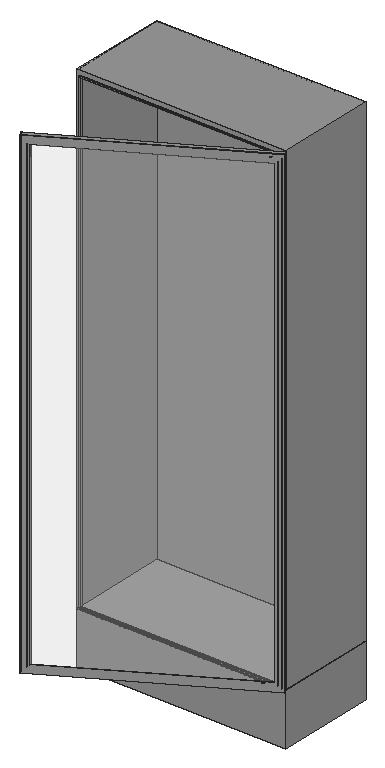
Revit family "Hager-Univers-IP55-D400-H2050-Cl.II-Steel_encl-NoHosted-CH-it", category Electrical Equipment, Revit 2020
Family settings
  Panel Configuration = Two Columns, Circuits Across
  Round Connector Dimension = Use Diameter
  Part Type = Panelboard
  Work Plane-Based = Yes
  Always vertical = Yes
  Cut with Voids When Loaded = No
  Shared = No
  Room Calculation Point = No
Parameters (values of type "montaggio a pavimento IP55 L800 A2050 P400  - FR23U2")
  Width Control [instance] = if([EF000008 - Larghezza] > Min Width, [EF000008 - Larghezza], Min Width)  # 800 mm
  Type Comments = [HG000003 - Gamma]  # "Univers"
  Thickness Door [instance] = if([EF009171 - spessore materiale porta/coperchio] > 3 mm, 3 mm, [EF009171 - spessore materiale porta/coperchio])  # 1.5 mm
  Seal Frame Offset [instance] = 17 mm  # constant formula
  Plinth Visibility [instance] = [HG000027 - Altezza dello zoccolo] > 0 mm  # yes
  Min Width [instance] = 100 mm  # constant formula
  Min Depth [instance] = (2 * [EF009170 - spessore materiale scatola]) + 1 mm  # 4 mm
  Min Height [instance] = 100 mm  # constant formula
  Internal Frame Depth [instance] = (Door System Depth * 0.5)  # 9 mm
  Panel Name [instance] = ""  # (empty or 0)
  Model = ""
  HG000027 - Altezza dello zoccolo = 200 mm
  HG000026 - A pavimento = yes
  HG000024 - Altezza della sezione inferiore = 600 mm
  HG000023 - Custodia a doppia sezione = no
  HG000016 - Visibilità delle porte nella vista 3D [instance] = yes
  HG000015 - Visibilità attraverso la porta [instance] = no
  HG000014 - Porta destra [instance] = yes
  HG000013 - Porta sinistra [instance] = not([HG000014 - Porta destra])  # no
  HG000012 - Angolo di apertura della porta [instance] = 30.00°
  HG000010 - Porte asimmetriche = no
  HG000009 - Porta doppia a battente = no
  HG000006 - Ad incasso = no
  HG000004 - Codice produttore = "FR23U2"
  HG000003 - Gamma = "Univers"
  HG000002 - Con porta = yes
  Frame Offset Bottom [instance] = 10 mm  # constant formula
  Frame Offset [instance] = 15 mm  # constant formula
  EF015940 - Coprire con rilascio di sovrapressione = no
  EF011959 - tipo di protezione (NEMA) = ""
  EF009554 - numero delle aperture per la piastra della flangia = 6
  EF009212 - esecuzione coperchio = "EV000116 - chiuso"
  EF009171 - spessore materiale porta/coperchio = 1.5 mm
  EF009170 - spessore materiale scatola = 1.5 mm
  EF008873 - corrente nominale (In) = 800 A
  EF007800 - adatto per parafulmine = no
  EF006306 - con serratura = no
  EF006244 - coperchio/porta trasparente = yes
  EF005474 - grado di protezione (IP) = "EV006420 - IP55"
  EF004464 - tipo di porta = "EV002646 - singolo"
  EF004427 - numero di moduli = 432
  EF004293 - resistenza agli urti = "EV008784 - IK10"
  EF003532 - adatto per uso esterno = no
  EF002950 - Numero moduli DIN = 24
  EF001613 - Integrità del circuito = "EV000494 - senza"
  EF001596 - Attacco Lampada = "EV000179 - acciaio"
  EF001131 - profondità interna = 400 mm
  EF001088 - possibilità di applicazione = yes
  EF000437 - numero di ingressi per conduttori = 6
  EF000339 - tipo di copertura = "EV004216 - porta"
  EF000266 - numero di file = 12
  EF000218 - profondità di incasso = 0 mm
  EF000118 - con piastra di montaggio = no
  EF000116 - numero RAL = "7035"
  EF000049 - profondità = 400 mm
  EF000040 - Altezza = 2050 mm
  EF000008 - Larghezza = 800 mm
  EF000007 - colore = "EV000270 - grigio"
  EF000003 - Tipo di montaggio = "EV012274 - montaggio a pavimento"
  Door System Leaf Tolerance [instance] = 1.5 mm  # constant formula
  Door System Depth [instance] = 18 mm  # constant formula
  Door Height [instance] = Height Control - [HG000027 - Altezza dello zoccolo]  # 1850 mm
  Description = ""
  Default Elevation = 1219.2 mm
  Connector Offset [instance] = Height Control / 2  # 1025 mm
  Manufacturer = "Hager"  # constant formula
  Height Control [instance] = if([EF000040 - Altezza] > Min Height, [EF000040 - Altezza], Min Height)  # 2050 mm
  Depth Control [instance] = if([EF000049 - profondità] > Min Depth, [EF000049 - profondità], Min Depth)  # 400 mm
  Bottom Top Plate Trim [instance] = 1.5 mm  # constant formula
  Plinth height Ctrl [instance] = if([HG000027 - Altezza dello zoccolo] > 0 mm, [HG000027 - Altezza dello zoccolo], 12 mm)  # 200 mm
Types (11, lengths in mm): name | Width Control | HG000010 - Porte asimmetriche | HG000009 - Porta doppia a battente | HG000004 - Codice produttore | EF009554 - numero delle aperture per la piastra della flangia | EF006244 - coperchio/porta trasparente | EF004464 - tipo di porta | EF004427 - numero di moduli | EF000437 - numero di ingressi per conduttori | EF000008 - Larghezza
  montaggio a pavimento IP55 L1050 A2050 P400  - FR24H2 | 1050 | yes | yes | "FR24H2" | 8 | no | "EV003602 - doppio" | 576 | 8 | 1050
  montaggio a pavimento IP55 L1050 A2050 P400  - FR24U2 | 1050 | yes | yes | "FR24U2" | 8 | yes | "EV003602 - doppio" | 576 | 8 | 1050
  montaggio a pavimento IP55 L1300 A2050 P400  - FR25H2 | 1300 | yes | yes | "FR25H2" | 10 | no | "EV003602 - doppio" | 720 | 10 | 1300
  montaggio a pavimento IP55 L1300 A2050 P400  - FR25U2 | 1300 | yes | yes | "FR25U2" | 10 | yes | "EV003602 - doppio" | 720 | 10 | 1300
  montaggio a pavimento IP55 L1550 A2050 P400  - FR26H2 | 1550 | yes | yes | "FR26H2" | 12 | no | "EV003602 - doppio" | 864 | 12 | 1550
  montaggio a pavimento IP55 L1550 A2050 P400  - FR26U2 | 1550 | yes | yes | "FR26U2" | 12 | yes | "EV003602 - doppio" | 864 | 12 | 1550
  montaggio a pavimento IP55 L300 A2050 P400  - FR21H2 | 300 | no | no | "FR21H2" | 2 | no | "EV002646 - singolo" | 144 | 2 | 300
  montaggio a pavimento IP55 L550 A2050 P400  - FR22H2 | 550 | no | no | "FR22H2" | 4 | no | "EV002646 - singolo" | 288 | 4 | 550
  montaggio a pavimento IP55 L550 A2050 P400  - FR22U2 | 550 | no | no | "FR22U2" | 4 | yes | "EV002646 - singolo" | 288 | 4 | 550
  montaggio a pavimento IP55 L800 A2050 P400  - FR23H2 | 800 | no | no | "FR23H2" | 6 | no | "EV002646 - singolo" | 432 | 6 | 800
  montaggio a pavimento IP55 L800 A2050 P400  - FR23U2 | 800 | no | no | "FR23U2" | 6 | yes | "EV002646 - singolo" | 432 | 6 | 800
Reference planes
  plane 1 "Center (Front/Back)": y = 0
  plane 2: z = 0
  plane 3 "Center (Left/Right)": x = 0
  plane 4: y = 0
  plane 5: y = 0
  plane 6: z = 0
  plane 7: x = -400
  plane 8: x = 400
  plane 9: x = 398.5
  plane 10: x = -398.5
  plane 11: z = 200
  plane 12: z = 201.5
  plane 13: y = -400
  plane 14: y = -1.5
  plane 15: x = 0
  plane 16: y = -382
  plane 17: y = -398.5
  plane 18: y = -380.5
  plane 19: x = -383.5
  plane 20: x = 383.5
  plane 21: z = 211.5
  plane 22: x = -383
  plane 23: x = 383
  plane 24: z = 200
  plane 25: z = 2050
  plane 26: z = 2050
  plane 27: z = 2033.5
  plane 28: z = 2048.5
Forms (mm)
  Extrusion 1, solid, material "Hager_Steel_RAL7035_Light_Grey", detail levels medium+fine
    sketch origin (-208.679, -4572, 200) x (-1, 0, 0) y (0, -1, 0)
      loop
        line (191.321, -4190) -> (-608.679, -4190) -> (-608.679, -4572) -> (191.321, -4572) -> (191.321, -4190)
    from 0 to 1850
  Extrusion 2, void
    sketch origin (-350.771, -400, 1219.2) x (1, 0, 0) y (0, 0, 1)
      loop
        line (-47.729, 829.3) -> (-47.729, -1017.7) -> (749.271, -1017.7) -> (749.271, 829.3) -> (-47.729, 829.3)
    from -19.5 to -398.5
  Extrusion 3, void
    sketch origin (-290.084, -382, 1219.2) x (1, 0, 0) y (0, 0, 1)
      loop
        line (-93.416, -1007.7) -> (673.584, -1007.7) -> (673.584, 814.3) -> (-93.416, 814.3) -> (-93.416, -1007.7)
    from 0 to -1.5
  Extrusion 4, solid, material "Hager_Steel_RAL7035_Light_Grey", visible <- "Plinth Visibility", detail levels medium+fine
    sketch origin (0, 0, 0) x (1, 0, 0) y (0, 1, 0)
      loop
        line (-400, 0) -> (-400, -382) -> (400, -382) -> (400, 0) -> (-400, 0)
    from 0 to 200 <- "Plinth height Ctrl"
  Extrusion 5, solid, material "Hager_Steel_RAL7035_Light_Grey", detail levels coarse
    sketch origin (0, 0, 0) x (1, 0, 0) y (0, 1, 0)
      loop
        line (-400, 0) -> (-400, -400) -> (400, -400) -> (400, 0) -> (-400, 0)
    from 0 to 2050 <- "Height Control"
  Sweep 6, void
    path in 3D
      loop
        line (-400, -382, 200) -> (400, -382, 200) -> (400, 0, 200) -> (-400, 0, 200) -> (-400, -382, 200)
    profile origin (-400, -191, 200) x (1, 0, 0) y (0, 0, 1)
      loop
        line (0, 0) -> (0, -1.5) -> (1.5, -1.5)
        arc (1.5, -1.5) -> (1.061, -0.439) -> (0, 0) r 1.5
  Extrusion 7, solid, material "Hager_Steel_RAL7035_Light_Grey", detail levels fine
    sketch origin (-400, -382, 200) x (1, 0, 0) y (0, 0, 1)
      loop
        line (16.5, 11.5) -> (783.5, 11.5) -> (783.5, 1833.5) -> (16.5, 1833.5) -> (16.5, 11.5)
      loop
        line (15, 10) -> (785, 10) -> (785, 1835) -> (15, 1835) -> (15, 10)
    from 0 to 9 <- "Internal Frame Depth"
Cuts and joins
  Extrusion 2, Extrusion 3 cuts Extrusion 1
  Sweep 6 cuts Extrusion 4
Lines and regions (mm)
  Masking region 1
    outline origin (0, 0, 0) x (1, 0, 0) y (0, 1, 0)
      loop
        line (-400, 0) -> (-400, -400) -> (400, -400) -> (400, 0) -> (-400, 0)
  Masking region 2, detail levels coarse
    outline origin (-290.084, -382, 1219.2) x (-1, 0, 0) y (0, 0, 1)
      loop
        line (-690.084, -1219.2) -> (109.916, -1219.2) -> (109.916, 830.8) -> (-690.084, 830.8) -> (-690.084, -1219.2)
  Masking region 3, detail levels coarse
    outline origin (0, 0, 0) x (0, 1, 0) y (0, 0, 1)
      loop
        line (0, 0) -> (0, 2050) -> (-400, 2050) -> (-400, 0) -> (0, 0)
  Masking region 4, visible <- "Plinth Visibility", detail levels medium+fine
    outline origin (0, 0, 0) x (0, 1, 0) y (0, 0, 1)
      loop
        line (-1.5, 200) -> (-380.5, 200)
        arc (-380.5, 200) -> (-380.939, 198.939) -> (-382, 198.5) r 1.5
        line (-382, 198.5) -> (-382, 0) -> (0, 0) -> (0, 198.5)
        arc (0, 198.5) -> (-1.061, 198.939) -> (-1.5, 200) r 1.5
  Masking region 5, detail levels medium+fine
    outline origin (0, 0, 594.038) x (0, 1, 0) y (0, 0, 1)
      loop
        line (0, -394.038) -> (0, 1455.962) -> (-382, 1455.962) -> (-382, -394.038) -> (0, -394.038)
  Masking region 6, detail levels medium+fine
    outline origin (-359.7, -382, 1211.883) x (-1, 0, 0) y (0, 0, 1)
      loop
        line (-759.7, -1011.883) -> (40.3, -1011.883) -> (40.3, 838.117) -> (-759.7, 838.117) -> (-759.7, -1011.883)
  Masking region 7, visible <- "Plinth Visibility", detail levels medium+fine
    outline origin (-320.334, -382, 1041.368) x (-1, 0, 0) y (0, 0, 1)
      loop
        line (-720.334, -1041.368) -> (79.666, -1041.368) -> (79.666, -842.868)
        arc (79.666, -842.868) -> (78.606, -842.429) -> (78.166, -841.368) r 1.5
        line (78.166, -841.368) -> (-718.834, -841.368)
        arc (-718.834, -841.368) -> (-719.273, -842.429) -> (-720.334, -842.868) r 1.5
        line (-720.334, -842.868) -> (-720.334, -1041.368)
  sketch lines
    curve 1: line (-400, 0, 200) -> (-400, -382, 200)
    curve 2: line (-400, -382, 200) -> (400, -382, 200)
    curve 3: line (400, 0, 200) -> (-400, 0, 200)
    curve 4: line (400, -382, 200) -> (400, 0, 200)
Dimensions and locks
  locked: plane 1 "Center (Front/Back)" to plane 5
  "EF009170 - spessore materiale scatola": plane 7 to plane 10
  "EF009170 - spessore materiale scatola": plane 8 to plane 9
  equal spacing: plane 7, plane 3 "Center (Left/Right)", plane 8
  "Width Control": plane 7 to plane 8
  "Depth Control": plane 4 to plane 13
  "EF009170 - spessore materiale scatola": plane 4 to plane 14
  "Height Control": plane 25 to level
  "HG000027 - Altezza dello zoccolo": plane 11 to level
  "EF009170 - spessore materiale scatola": plane 12 to plane 11
  "EF009170 - spessore materiale scatola": plane 17 to plane 13
  "EF009170 - spessore materiale scatola": plane 18 to plane 16
  "Frame Offset Bottom": plane 21 to plane 12
  "Frame Offset": plane 10 to plane 19
  "Frame Offset": plane 9 to plane 20
  "Door System Depth": plane 16 to plane 13
  "Seal Frame Offset": plane 7 to plane 22
  "Seal Frame Offset": plane 8 to plane 23
  "EF009170 - spessore materiale scatola": plane 26 to plane 28
  "Frame Offset": plane 28 to plane 27
  "Connector Offset": plane 2 to connector elem
  "Bottom Top Plate Trim": profile plane to Sweep 6 sketch curve
  "Bottom Top Plate Trim": Sweep 6 sketch curve to Sweep 6 sketch curve
  "Plinth height Ctrl": Masking region 4 sketch curve to level
  "Plinth height Ctrl": Masking region 7 sketch curve to level
  "Thickness Door": Extrusion 7 sketch curve to Extrusion 7 sketch curve  (x4)
  "Bottom Top Plate Trim": radius of Sweep 6 sketch curve
  "Bottom Top Plate Trim": radius of Masking region 4 sketch curve  (x2)
  "Bottom Top Plate Trim": radius of Masking region 7 sketch curve  (x2)
  aligned and locked: Extrusion 2 sketch curve to plane 12
  aligned and locked: Extrusion 2 sketch curve to plane 9
  aligned and locked: Extrusion 2 sketch curve to plane 10
  aligned and locked: Extrusion 2 to plane 14
  aligned and locked: Extrusion 1 sketch curve to plane 4
  aligned and locked: plane 8 to Extrusion 1 sketch curve
  aligned and locked: plane 7 to Extrusion 1 sketch curve
  aligned and locked: Extrusion 2 to plane 18
  aligned and locked: Extrusion 3 sketch curve to plane 19
  aligned and locked: plane 20 to Extrusion 3 sketch curve
  aligned and locked: Extrusion 3 to Extrusion 2
  aligned and locked: Extrusion 3 sketch curve to plane 21
  aligned and locked: plane 3 "Center (Left/Right)" to nested 1
  aligned and locked: Extrusion 1 sketch curve to plane 16
  aligned and locked: Extrusion 4 sketch curve to cut or joined group of Extrusion 1, Extrusion 2, Extrusion 3
  aligned and locked: Masking region 1 sketch curve to plane 7
  aligned and locked: Masking region 1 sketch curve to plane 5
  aligned and locked: Masking region 1 sketch curve to plane 8
  aligned and locked: Masking region 2 sketch curve to level
  aligned and locked: level to Masking region 3 sketch curve
  aligned and locked: plane 1 "Center (Front/Back)" to Masking region 3 sketch curve
  aligned and locked: plane 13 to Masking region 3 sketch curve
  aligned and locked: plane 5 to Masking region 4 sketch curve
  aligned and locked: Masking region 2 sketch curve to plane 8
  aligned and locked: Masking region 2 sketch curve to plane 7
  aligned and locked: plane 7 to nested 2
  aligned and locked: nested 2 to plane 5
  aligned and locked: plane 5 to Masking region 5 sketch curve
  aligned and locked: plane 26 to Masking region 5 sketch curve
  aligned and locked: Extrusion 5 sketch curve to plane 8
  aligned and locked: Extrusion 5 sketch curve to plane 7
  aligned and locked: Extrusion 5 sketch curve to plane 5
  aligned and locked: Extrusion 3 sketch curve to plane 27
  aligned and locked: Extrusion 2 sketch curve to plane 28
  aligned and locked: Masking region 2 to plane 25
  aligned and locked: Extrusion 4 to plane 16
  aligned and locked: profile plane to Sweep 6 sketch curve
  aligned and locked: Masking region 5 sketch curve to plane 24
  aligned and locked: level to Masking region 4 sketch curve
  aligned and locked: Masking region 1 to plane 13
  aligned and locked: nested 1 to plane 16
  aligned and locked: Masking region 3 to plane 25
  aligned and locked: plane 16 to Masking region 4 sketch curve
  aligned and locked: Masking region 5 sketch curve to plane 16
  aligned and locked: plane 24 to plane 11
  aligned and locked: plane 26 to plane 25
  aligned and locked: plane 26 to cut or joined group of Extrusion 1, Extrusion 2, Extrusion 3
  aligned and locked: nested 1 to plane 24
  aligned and locked: Extrusion 1 to Extrusion 3
  aligned and locked: Masking region 6 sketch curve to plane 8
  aligned and locked: Masking region 6 sketch curve to plane 24
  aligned and locked: Masking region 6 sketch curve to plane 7
  aligned and locked: Masking region 6 sketch curve to plane 26
  aligned and locked: Masking region 7 sketch curve to plane 7
  aligned and locked: level to Masking region 7 sketch curve
  aligned and locked: Masking region 7 sketch curve to plane 8
  aligned and locked: Extrusion 7 sketch curve to cut or joined group of Extrusion 1, Extrusion 2, Extrusion 3  (x4)
Automatic sketch dimensions
  plane 19 to Extrusion 3 sketch curve = 0 mm
  Extrusion 3 sketch curve to plane 20 = 0 mm
  Extrusion 3 sketch curve to plane 21 = 0 mm
  Extrusion 4 sketch curve to plane 7 = 0 mm
  Extrusion 4 sketch curve to plane 8 = 0 mm
  Extrusion 4 sketch curve to plane 16 = 0 mm
  Masking region 1 sketch curve to plane 13 = 0 mm
  Masking region 2 sketch curve to plane 25 = 0 mm
  Masking region 3 sketch curve to plane 25 = 0 mm
  Extrusion 5 sketch curve to plane 13 = 0 mm
  profile plane to Sweep 6 sketch curve = 0 mm
Nested families
  nested 1: "EC000058_Univers_Door" at (0, -382, 200), Double <- "HG000009 - Porta doppia a battente", Transparent <- "EF006244 - coperchio/porta trasparente", Angle <- "HG000012 - Angolo di apertura della porta", Door_Right <- "HG000014 - Porta destra", Assymetrical <- "HG000010 - Porte asimmetriche", Door <- "HG000002 - Con porta", Width_Ctrl <- "Width Control", 3d_Door <- "HG000016 - Visibilità delle porte nella vista 3D", Clearance <- "HG000015 - Visibilità attraverso la porta", Door_Left <- "HG000013 - Porta sinistra", Width <- "Width Control", Door_Depth <- "Door System Depth", Leaf_Tolerance <- "Door System Leaf Tolerance", Height <- "Door Height", Lock_Visibility <- "EF006306 - con serratura", Thickness <- "Thickness Door", type "EC000058_Univers_Door", detail levels medium+fine
    with min_wh 4 mm, Width_Ctrl 800 mm, Width 800 mm, Transparent yes, Thickness 1.5 mm, Seal_Material Hager_Rubber, Lock_Visibility no, Lock_Material Hager_Plastic_RAL9005_Jet_Black, Leaf_Width 800 mm, Leaf_Tolerance_External_Sides 0 mm, Leaf_Tolerance 1.5 mm, Leaf_Offset 0 mm, Leaf_Height 1847 mm, Leaf_2_Width 800 mm, Leaf_2_Offset 400 mm, Leaf_1_Width 800 mm, Leaf_1_Offset 400 mm, Height_Ctrl 1850 mm, Height 1850 mm, Glass_Material Hager_Glass, Double_Clearance_Ctrl no, Double no, Door_Right_Ctrl yes, Door_Right yes, Door_Material Hager_Steel_RAL7035_Light_Grey, Door_Left_Ctrl no, Door_Left no, Door_Depth 18 mm, Door yes, Clearance_Material Hager_Clearance, Clearance_Depth 800 mm, Clearance_Ctrl no, Clearance no, Assymetrical no, Angle 30.00°, 3d_Door yes
  nested 2: "Hager_Enclosure_Symbol" at (-400, 0, 0), Height <- "Depth Control", Width <- "Width Control", type "Hager_Enclosure_Symbol"
    with Width_Ctrl 800 mm, Width 800 mm, Height_Ctrl 400 mm, Height 400 mm, A_Width_Int 26.25 mm, A_Width 315 mm, A_Height_Ctrl 350 mm, A_Height 350 mm
Connectors
  electrical at (0, 0, 1025)
    settings: on plane 1 "Center (Front/Back)", index 1, voltage 0 V, apparent load 0 VA, apparent load phase1 0 VA, apparent load phase2 0 VA, apparent load phase3 0 VA, power factor 1, load classification "Other", number of poles 1, system type 30, power factor state 1, is connector primary yes, connector utility no, sub classification motor no, connector description ""
Definition of nested family "EC000058_Univers_Door"
  Parameters (values of type "EC000058_Univers_Door")
    min_wh [instance] = (2 * Thickness) + 1 mm  # 11 mm
    Width_Ctrl [instance] = 400 mm
    Width [instance] = 500 mm
    Transparent [instance] = yes
    Thickness [instance] = 5 mm
    Seal_Material [instance] = none
    Lock_Visibility [instance] = yes
    Lock_Material [instance] = none
    Leaf_Width [instance] = if((Width_Ctrl - 2 * Leaf_Tolerance_External_Sides) > 0 mm, (Width_Ctrl - 2 * Leaf_Tolerance_External_Sides), min_wh)  # 400 mm
    Leaf_Tolerance_External_Sides [instance] = 0 mm  # constant formula
    Leaf_Tolerance [instance] = 1.5 mm
    Leaf_Offset [instance] = 0 mm  # constant formula
    Leaf_Height [instance] = if((Height_Ctrl - 2 * Leaf_Tolerance) > 0 mm, (Height_Ctrl - 2 * Leaf_Tolerance), min_wh)  # 497 mm
    Leaf_2_Width [instance] = if(and(and(Double, Assymetrical), Door_Left), (Leaf_Width / 3) - (Leaf_Tolerance / 2), if(and(and(Double, Assymetrical), Door_Right), (Leaf_Width / 3) * 2 - (Leaf_Tolerance / 2), if(and(Double, not(Assymetrical)), (Leaf_Width / 2) - Leaf_Tolerance, Leaf_Width)))  # 400 mm
    Leaf_2_Offset [instance] = if(and(Double, Assymetrical), Leaf_2_Width / 2, if(and(Double, not(Assymetrical)), Leaf_Width / 4, Leaf_Width / 2))  # 200 mm
    Leaf_1_Width [instance] = if(and(and(Double, Assymetrical), Door_Right), (Leaf_Width / 3) - (Leaf_Tolerance / 2), if(and(and(Double, Assymetrical), Door_Left), (Width / 3) * 2 - (Leaf_Tolerance / 2), if(and(Double, not(Assymetrical)), (Leaf_Width / 2) - Leaf_Tolerance, Leaf_Width)))  # 400 mm
    Leaf_1_Offset [instance] = if(and(Double, Assymetrical), Leaf_1_Width / 2, if(and(Double, not(Assymetrical)), Leaf_Width / 4, Leaf_Width / 2))  # 200 mm
    Height_Ctrl [instance] = if(Height > min_wh, Height, min_wh)  # 500 mm
    Height [instance] = 500 mm
    Glass_Material [instance] = none
    Double_Clearance_Ctrl [instance] = and(Double, Clearance)  # no
    Double [instance] = no
    Door_Right_Ctrl [instance] = and(or(Door_Right, Double), Door)  # yes
    Door_Right [instance] = yes
    Door_Material [instance] = none
    Door_Left_Ctrl [instance] = and(or(Door_Left, Double), Door)  # no
    Door_Left [instance] = no
    Door_Depth [instance] = 30 mm
    Door [instance] = yes
    Default Elevation = 1219.2 mm
    Clearance_Material [instance] = none
    Clearance_Depth [instance] = if(Leaf_1_Width > Leaf_2_Width, Leaf_1_Width, Leaf_2_Width)  # 400 mm
    Clearance_Ctrl [instance] = and(not(Double), Clearance)  # yes
    Clearance [instance] = yes
    Assymetrical [instance] = yes
    Angle [instance] = 30.00°
    3d_Door [instance] = yes
  Reference planes
    plane 1 "Center (Front/Back)": y = 0
    plane 2 "Bottom": z = 0
    plane 3 "Center (Left/Right)": x = 0
    plane 4: z = 500
    plane 5: x = -200
    plane 6: x = 200
    plane 7: z = 500
    plane 8: x = -200
    plane 9: z = 0
    plane 10: x = 200
    plane 11: y = 0
    plane 12: z = 1.5
    plane 13: x = -600
    plane 14: y = -400
    plane 15: x = 600
    plane 16: x = 0
    plane 17: x = 0
    plane 18: x = -200
    plane 19: x = 200
    plane 20: z = 498.5
  Forms (mm)
    Extrusion 1, solid, material <- "Clearance_Material", visible <- "Double_Clearance_Ctrl"
      sketch origin (1200, 0, 0) x (1, 0, 0) y (0, 0, -1)
        loop
          line (-1800, -498.5) -> (-600, -498.5) -> (-600, 0) -> (-1800, 0) -> (-1800, -498.5)
      from 0 to -400
  Dimensions and locks
    equal spacing: plane 5, plane 3 "Center (Left/Right)", plane 6
    "Width_Ctrl": plane 5 to plane 6
    "Leaf_Offset": plane 5 to plane 8
    "Leaf_Offset": plane 6 to plane 10
    "Leaf_Offset": plane 9 to level
    "Leaf_Offset": plane 4 to plane 7
    "Height_Ctrl": plane 4 to level
    "Leaf_Tolerance": plane 12 to plane 9
    locked: plane 11 to plane 1 "Center (Front/Back)"
    "Leaf_1_Offset": plane 18 to plane 16
    "Leaf_2_Offset": plane 17 to plane 19
    "Leaf_1_Width": plane 13 to plane 8
    "Leaf_2_Width": plane 10 to plane 15
    "Clearance_Depth": plane 14 to plane 1 "Center (Front/Back)"
    "Leaf_Tolerance_External_Sides": plane 8 to plane 18
    "Leaf_Tolerance_External_Sides": plane 19 to plane 10
    "Leaf_Tolerance": plane 7 to plane 20
    aligned and locked: level to plane 2 "Bottom"
    aligned and locked: nested 1 to plane 16
    aligned and locked: nested 2 to plane 17
    aligned and locked: Extrusion 1 to plane 13
    aligned and locked: plane 15 to Extrusion 1
    aligned and locked: Extrusion 1 to plane 14
    aligned and locked: plane 12 to nested 1
    aligned and locked: nested 2 to plane 12
    aligned and locked: Extrusion 1 to plane 11
    aligned and locked: plane 20 to Extrusion 1
    aligned and locked: nested 2 to plane 11
    aligned and locked: nested 1 to plane 11
  Automatic sketch dimensions
    Extrusion 1 sketch curve to level = 0 mm
    plane 5 to Extrusion 1 sketch curve = 400 mm
    plane 6 to Extrusion 1 sketch curve = 400 mm
    Extrusion 1 sketch curve to plane 4 = 1.5 mm
  Nested families
    nested 1: "EC000058_Univers_Door_Leaf" at (0, 0, 1.5), Width <- "Leaf_1_Width", visible <- "Door_Left_Ctrl", Leaf_Height <- "Leaf_Height", Angle <- "Angle", 3d_Door <- "3d_Door", Transparent <- "Transparent", Clearance Material <- "Clearance_Material", Clearance <- "Clearance_Ctrl", Door_Material <- "Door_Material", Glass_Material <- "Glass_Material", Door_Depth <- "Door_Depth", Lock_Material <- "Lock_Material", Seal_Material <- "Seal_Material", Lock_Visibility <- "Lock_Visibility", Thickness <- "Thickness", type "EC000058_Univers_Door_Leaf"
      with Width 400 mm, Transparent_Glass_Offset 30 mm, Transparent_Ctrl yes, Transparent yes, Thickness 5 mm, Standard no, Seal_Material none, Seal_D2 8 mm, Seal_D1 1 mm, Offset_Internal_Frame 10 mm, Lock_Width 20 mm, Lock_Visibility_3d yes, Lock_Visibility yes, Lock_Thickness_3 3 mm, Lock_Thickness_2 1 mm, Lock_Thickness_1 3 mm, Lock_Radius_Offset_2 16 mm, Lock_Radius_Offset_1 15 mm, Lock_Radius_2 5 mm, Lock_Radius 6 mm, Lock_Offset 5 mm, Lock_Material none, Lock_Height 80 mm, Lock_Cover_Top_Offset_2d 17 mm, Lock_Cover_Height -65 mm, Leaf_Height 497 mm, Internal_Seal_Thickness 8 mm, Internal_Seal_Depth_2 4.5 mm, Internal_Frame_Depth 25 mm, Glass_Thickness -1 mm, Glass_Offset -2 mm, Glass_Material none, Door_Material none, Door_Depth 30 mm, Clearance Material none, Clearance yes, Angle_Ctrl 30.00°, Angle 30.00°, 3d_Door yes
    nested 2: "EC000058_Univers_Door_Leaf" at (0, 0, 1.5) x (-1, 0, 0) z (0, 0, 1), Width <- "Leaf_2_Width", visible <- "Door_Right_Ctrl", Leaf_Height <- "Leaf_Height", Angle <- "Angle", 3d_Door <- "3d_Door", Transparent <- "Transparent", Clearance Material <- "Clearance_Material", Clearance <- "Clearance_Ctrl", Door_Material <- "Door_Material", Glass_Material <- "Glass_Material", Door_Depth <- "Door_Depth", Lock_Material <- "Lock_Material", Seal_Material <- "Seal_Material", Lock_Visibility <- "Lock_Visibility", Thickness <- "Thickness", type "EC000058_Univers_Door_Leaf"
      with Width 400 mm, Transparent_Glass_Offset 30 mm, Transparent_Ctrl yes, Transparent yes, Thickness 5 mm, Standard no, Seal_Material none, Seal_D2 8 mm, Seal_D1 1 mm, Offset_Internal_Frame 10 mm, Lock_Width 20 mm, Lock_Visibility_3d yes, Lock_Visibility yes, Lock_Thickness_3 3 mm, Lock_Thickness_2 1 mm, Lock_Thickness_1 3 mm, Lock_Radius_Offset_2 16 mm, Lock_Radius_Offset_1 15 mm, Lock_Radius_2 5 mm, Lock_Radius 6 mm, Lock_Offset 5 mm, Lock_Material none, Lock_Height 80 mm, Lock_Cover_Top_Offset_2d 17 mm, Lock_Cover_Height -65 mm, Leaf_Height 497 mm, Internal_Seal_Thickness 8 mm, Internal_Seal_Depth_2 4.5 mm, Internal_Frame_Depth 25 mm, Glass_Thickness -1 mm, Glass_Offset -2 mm, Glass_Material none, Door_Material none, Door_Depth 30 mm, Clearance Material none, Clearance yes, Angle_Ctrl 30.00°, Angle 30.00°, 3d_Door yes
  Definition of nested family "EC000058_Univers_Door_Leaf"
    Parameters (values of type "EC000058_Univers_Door_Leaf")
      Width [instance] = 2000 mm
      Transparent_Glass_Offset [instance] = 30 mm
      Transparent_Ctrl [instance] = and(Transparent, [3d_Door])  # yes
      Transparent [instance] = yes
      Thickness [instance] = 5 mm
      Standard [instance] = and(not(Transparent), [3d_Door])  # no
      Seal_Material [instance] = none
      Seal_D2 [instance] = 8 mm  # constant formula
      Seal_D1 [instance] = 1 mm  # constant formula
      Offset_Internal_Frame [instance] = 10 mm  # constant formula
      Lock_Width [instance] = 20 mm  # constant formula
      Lock_Visibility_3d [instance] = and(Lock_Visibility, [3d_Door])  # yes
      Lock_Visibility [instance] = yes
      Lock_Thickness_3 [instance] = 3 mm  # constant formula
      Lock_Thickness_2 [instance] = 1 mm  # constant formula
      Lock_Thickness_1 [instance] = 3 mm  # constant formula
      Lock_Radius_Offset_2 [instance] = Lock_Radius_Offset_1 + 1 mm  # 16 mm
      Lock_Radius_Offset_1 [instance] = 15 mm  # constant formula
      Lock_Radius_2 [instance] = Lock_Radius - 1 mm  # 5 mm
      Lock_Radius [instance] = 6 mm  # constant formula
      Lock_Offset [instance] = 5 mm  # constant formula
      Lock_Material [instance] = none
      Lock_Height [instance] = 80 mm  # constant formula
      Lock_Cover_Top_Offset_2d [instance] = Lock_Radius_Offset_2 + 1 mm  # 17 mm
      Lock_Cover_Height [instance] = -(Lock_Height - Lock_Radius_Offset_1)  # -65 mm
      Leaf_Height [instance] = 2720.336 mm
      Internal_Seal_Thickness [instance] = 8 mm  # constant formula
      Internal_Seal_Depth_2 [instance] = 4.5 mm  # constant formula
      Internal_Frame_Depth [instance] = if(Door_Depth - Thickness > 5 mm, Door_Depth - Thickness, 5 mm)  # 25 mm
      Glass_Thickness [instance] = if(Thickness > 15 mm, Glass_Offset + 10 mm, -1 mm)  # -1 mm
      Glass_Offset [instance] = if(Thickness > 15 mm, -(Thickness + 10 mm) / 2, -2 mm)  # -2 mm
      Glass_Material [instance] = none
      Door_Material [instance] = none
      Door_Depth [instance] = 30 mm
      Default Elevation = 0 mm
      Clearance Material [instance] = none
      Clearance [instance] = yes
      Angle_Ctrl [instance] = if(Angle > 180.00°, 180.00°, Angle)  # 90.00°
      Angle [instance] = 90.00°
      3d_Door [instance] = yes
    Reference planes
      plane 1 "Center (Front/Back)": y = 0
      plane 2: z = 0
      plane 3 "Center (Left/Right)": x = 0
      plane 4: y = 2000
      plane 5: x = -1000
      plane 6: x = 1000
      plane 7: x = -3000
      plane 8: z = 2720.336
      plane 9: z = 30
      plane 10: z = 2690.336
      plane 11: x = 970
      plane 12: x = -970
      plane 13: y = -3
      plane 14: z = 107.833
      plane 15: y = -5
      plane 16: y = -223.314
      plane 17: x = -1000
      plane 18: z = 1360.168
      plane 19: y = 30
    Forms (mm)
      Extrusion 1, solid, material <- "Clearance Material", visible <- "Clearance"
        sketch origin (0, 0, 0) x (1, 0, 0) y (0, 0, 1)
          loop
            line (-3000, 2720.336) -> (-3000, 0) -> (1000, 0) -> (1000, 2720.336) -> (-3000, 2720.336)
        from 0 to -2000
      Extrusion 2, solid, material <- "Door_Material", visible <- "Standard", detail levels medium+fine
        sketch origin (-1000, 0, 0) x (0, 1, 0) y (-1, 0, 0)
          loop
            line (0, 30) -> (0, 25) -> (2000, 25) -> (2000, 30) -> (0, 30)
        from 0 to 2720.336 <- "Leaf_Height"
      Extrusion 3, solid, material <- "Door_Material", visible <- "Transparent_Ctrl", detail levels medium+fine
        sketch origin (-1000, 0, 0) x (0, 1, 0) y (-1, 0, 0)
          loop
            line (0, 25) -> (2000, 25) -> (2000, 30) -> (0, 30) -> (0, 25)
        from 0 to 2720.336 <- "Leaf_Height"
      Extrusion 4, void
        sketch origin (-1025, 2000, 0) x (0, 1, 0) y (0, 0, -1)
          loop
            line (-30, -2690.336) -> (-30, -30) -> (-1970, -30) -> (-1970, -2690.336) -> (-30, -2690.336)
        from 0 to 5 <- "Thickness"
      Sweep 5, solid, material <- "Seal_Material", visible <- "Transparent_Ctrl", detail levels fine
        path in 3D
          loop
            line (-1025, 30, 30) -> (-1025, 30, 2690.336) -> (-1025, 1970, 2690.336) -> (-1025, 1970, 30) -> (-1025, 30, 30)
        profile origin (-1025, 1000, 30) x (1, 0, 0) y (0, 0, 1)
          loop
            line (0, 0) -> (0, -8) -> (1, -8) -> (1, 0) -> (0, 0)
      Extrusion 6, solid, material <- "Glass_Material", visible <- "Transparent_Ctrl", detail levels medium+fine
        sketch origin (-1030, 0, 0) x (0, 1, 0) y (0, 0, -1)
          loop
            line (1970, -2690.336) -> (1970, -30) -> (30, -30) -> (30, -2690.336) -> (1970, -2690.336)
        from -2 <- "Glass_Offset" to -1 <- "Glass_Thickness"
      Extrusion 7, solid, material <- "Door_Material", visible <- "3d_Door", detail levels medium+fine
        sketch origin (-1025, 2000, 0) x (0, -1, 0) y (0, 0, -1)
          loop
            line (0, -2720.336) -> (2000, -2720.336) -> (2000, 0) -> (0, 0) -> (0, -2720.336)
          loop
            line (1995, -5) -> (5, -5) -> (5, -2715.336) -> (1995, -2715.336) -> (1995, -5)
        from 0 to 25 <- "Internal_Frame_Depth"
      Sweep 8, solid, material <- "Seal_Material", visible <- "Transparent_Ctrl", detail levels fine
        path in 3D
          loop
            line (-1025, 0, 0) -> (-1025, 2000, 0) -> (-1025, 2000, 2720.336) -> (-1025, 0, 2720.336) -> (-1025, 0, 0)
        profile origin (-1025, 0, 1360.168) x (1, 0, 0) y (0, 1, 0)
          loop
            line (0, 10) -> (2.975, 10)
            arc (2.975, 10) -> (4.053, 10.447) -> (4.5, 11.525) r 1.525
            line (4.5, 11.525) -> (4.5, 16.527)
            arc (4.5, 16.527) -> (4.069, 17.569) -> (3.027, 18) r 1.473
            line (3.027, 18) -> (0, 18) -> (0, 10)
      Extrusion 9, solid, material <- "Lock_Material", visible <- "Lock_Visibility_3d", detail levels fine
        sketch origin (-1030, 0, 0) x (0, 1, 0) y (0, 0, -1)
          loop
            arc (1993.5, -1400.168) -> (1994.561, -1399.729) -> (1995, -1398.668) r 1.5
            line (1995, -1398.668) -> (1995, -1320.168) -> (1975, -1320.168) -> (1975, -1398.668)
            arc (1975, -1398.668) -> (1975.439, -1399.729) -> (1976.5, -1400.168) r 1.5
            line (1976.5, -1400.168) -> (1993.5, -1400.168)
        from 3 <- "Lock_Thickness_1" to 0
      Blend 10, solid, material <- "Lock_Material", visible <- "Lock_Visibility_3d", detail levels fine
        base sketch origin (-1033, 0, 0) x (0, 1, 0) y (0, 0, -1)
          loop
            line (1975, -1320.168) -> (1975, -1398.668)
            arc (1975, -1398.668) -> (1975.439, -1399.729) -> (1976.5, -1400.168) r 1.5
            line (1976.5, -1400.168) -> (1993.5, -1400.168)
            arc (1993.5, -1400.168) -> (1994.561, -1399.729) -> (1995, -1398.668) r 1.5
            line (1995, -1398.668) -> (1995, -1320.168) -> (1975, -1320.168)
        top sketch origin (-1033, 0, 0) x (0, 1, 0) y (0, 0, -1)
          loop
            line (1976, -1320.168) -> (1976, -1398.668)
            arc (1976, -1398.668) -> (1976.146, -1399.022) -> (1976.5, -1399.168) r 0.5
            line (1976.5, -1399.168) -> (1993.5, -1399.168)
            arc (1993.5, -1399.168) -> (1993.854, -1399.022) -> (1994, -1398.668) r 0.5
            line (1994, -1398.668) -> (1994, -1320.168) -> (1976, -1320.168)
        from 0 to 1 <- "Lock_Thickness_2"
      Blend 11, solid, material <- "Lock_Material", visible <- "Lock_Visibility_3d", detail levels fine
        base sketch origin (-1034, 0, 0) x (0, 1, 0) y (0, 0, -1)
          loop
            line (1978, -1320.168) -> (1978, -1384.168)
            arc (1978, -1384.168) -> (1985, -1391.168) -> (1992, -1384.168) r 7
            line (1992, -1384.168) -> (1992, -1320.168) -> (1978, -1320.168)
        top sketch origin (-1034, 0, 0) x (0, 1, 0) y (0, 0, -1)
          loop
            line (1991, -1320.168) -> (1979, -1320.168) -> (1979, -1383.168)
            arc (1979, -1383.168) -> (1985, -1389.168) -> (1991, -1383.168) r 6
            line (1991, -1383.168) -> (1991, -1320.168)
        from 0 to 3 <- "Lock_Thickness_3"
      Extrusion 12, solid, material <- "Lock_Material", visible <- "Lock_Visibility_3d", detail levels fine
        sketch origin (-1030, 1975, 1320.168) x (1, 0, 0) y (0, -1, 0)
          loop
            line (-7, -19) -> (-7, -1) -> (0, -1) -> (0, 0) -> (-8, 0) -> (-8, -20) -> (0, -20) -> (0, -19) -> (-7, -19)
        from 0 to -65 <- "Lock_Cover_Height"
      Extrusion 13, void
        sketch origin (-1038, 1995, 1320.168) x (-1, 0, 0) y (0, 0, -1)
          loop
            line (-5, -65) -> (0, -65) -> (-5, -60) -> (-5, -65)
        from 0 to 20 <- "Lock_Width"
      Extrusion 14, void
        sketch origin (-1038, 1975, 1320.168) x (0, -1, 0) y (0, 0, -1)
          loop
            circle (-10, -15.995) r 6
          loop
            circle (-10, -15.995) r 5
        from 0 to 2
      Extrusion 15, solid, material <- "Lock_Material", visible <- "Lock_Visibility_3d", detail levels medium
        sketch origin (-1030, 0, 0) x (0, 1, 0) y (0, 0, -1)
          loop
            arc (1993.5, -1400.168) -> (1994.561, -1399.729) -> (1995, -1398.668) r 1.5
            line (1995, -1398.668) -> (1995, -1320.168) -> (1975, -1320.168) -> (1975, -1398.668)
            arc (1975, -1398.668) -> (1975.439, -1399.729) -> (1976.5, -1400.168) r 1.5
            line (1976.5, -1400.168) -> (1993.5, -1400.168)
        from 8 to 0
    Cuts and joins
      Extrusion 4 cuts Extrusion 3
      Extrusion 13, Extrusion 14 cuts Extrusion 9
      Extrusion 14 cuts Blend 11
      Extrusion 13, Extrusion 14 cuts Extrusion 12
      joined: Extrusion 9, Blend 10, Blend 11, Extrusion 12
      Extrusion 14 cuts Extrusion 15
    Lines and regions (mm)
      Masking region 1, visible <- "Lock_Visibility", detail levels fine
        outline origin (0, 0, 0) x (0, 1, 0) y (0, 0, 1)
          loop
            line (30, 1320.168) -> (33, 1320.168) -> (33, 1400.168) -> (30, 1400.168) -> (30, 1320.168)
      Masking region 2, visible <- "Lock_Visibility", detail levels fine
        outline origin (0, 3.143, 0) x (0, 1, 0) y (0, 0, 1)
          loop
            line (29.857, 1354.168) -> (30.857, 1354.168) -> (30.857, 1366.168) -> (29.857, 1366.168) -> (29.857, 1354.168)
      Masking region 3, detail levels medium+fine
        outline origin (0, 0, 0) x (0, 1, 0) y (0, 0, 1)
          loop
            line (0, 0) -> (30, 0) -> (30, 2720.336) -> (0, 2720.336) -> (0, 0)
      Masking region 4, detail levels medium+fine
        outline origin (0, 0, 0) x (1, 0, 0) y (0, 0, 1)
          loop
            line (-1000, 2720.336) -> (-1000, 0) -> (1000, 0) -> (1000, 2720.336) -> (-1000, 2720.336)
      Masking region 5, visible <- "Lock_Visibility", detail levels fine
        outline origin (-47.116, 0, 0) x (1, 0, 0) y (0, 0, 1)
          loop
            arc (1024.616, 1399.168) -> (1023.556, 1398.729) -> (1023.116, 1397.668) r 1.5
            line (1023.116, 1397.668) -> (1023.116, 1320.168) -> (1041.116, 1320.168) -> (1041.116, 1397.668)
            arc (1041.116, 1397.668) -> (1040.677, 1398.729) -> (1039.616, 1399.168) r 1.5
            line (1039.616, 1399.168) -> (1024.616, 1399.168)
      Masking region 6, visible <- "Lock_Visibility", detail levels medium+fine
        outline origin (-25, 0, 0) x (1, 0, 0) y (0, 0, 1)
          loop
            arc (1001.5, 1400.168) -> (1000.439, 1399.729) -> (1000, 1398.668) r 1.5
            line (1000, 1398.668) -> (1000, 1320.168) -> (1020, 1320.168) -> (1020, 1398.668)
            arc (1020, 1398.668) -> (1019.561, 1399.729) -> (1018.5, 1400.168) r 1.5
            line (1018.5, 1400.168) -> (1001.5, 1400.168)
      Masking region 7, visible <- "Lock_Visibility", detail levels fine
        outline origin (-73.735, 0, 0) x (1, 0, 0) y (0, 0, 1)
          loop
            line (1051.735, 1382.168) -> (1065.735, 1382.168) -> (1065.735, 1384.168)
            arc (1065.735, 1384.168) -> (1058.735, 1391.168) -> (1051.735, 1384.168) r 7
            line (1051.735, 1384.168) -> (1051.735, 1382.168)
      Masking region 8, visible <- "Lock_Visibility", detail levels fine
        outline origin (-73.735, 0, 0) x (1, 0, 0) y (0, 0, 1)
          loop
            line (1052.735, 1382.168) -> (1064.735, 1382.168) -> (1064.735, 1383.168)
            arc (1064.735, 1383.168) -> (1058.735, 1389.168) -> (1052.735, 1383.168) r 6
            line (1052.735, 1383.168) -> (1052.735, 1382.168)
      Masking region 9, visible <- "Lock_Visibility", detail levels fine
        outline origin (-25, 0, 0) x (1, 0, 0) y (0, 0, 1)
          loop
            line (1020, 1320.168) -> (1020, 1382.168) -> (1000, 1382.168) -> (1000, 1320.168) -> (1020, 1320.168)
      Masking region 10, detail levels medium+fine
        outline origin (0, 0, 0) x (1, 0, 0) y (0, 0, 1)
          loop
            circle (985, 1335.144) r 6
      Masking region 11, detail levels fine
        outline origin (0, 0, 0) x (1, 0, 0) y (0, 0, 1)
          loop
            circle (985, 1335.144) r 5
      Masking region 12, visible <- "Lock_Visibility", detail levels fine
        outline origin (0, 12.767, 0) x (0, 1, 0) y (0, 0, 1)
          loop
            line (20.233, 1320.168) -> (21.233, 1320.168) -> (21.233, 1399.168) -> (20.233, 1400.168) -> (20.233, 1320.168)
      Masking region 13, visible <- "Lock_Visibility", detail levels fine
        outline origin (0, 13.767, -10) x (0, 1, 0) y (0, 0, 1)
          loop
            line (20.233, 1330.168) -> (23.233, 1330.168) -> (23.233, 1399.168) -> (20.233, 1402.168) -> (20.233, 1330.168)
      Masking region 14, visible <- "Lock_Visibility", detail levels fine
        outline origin (0, 12.767, -10) x (0, 1, 0) y (0, 0, 1)
          loop
            line (20.233, 1330.168) -> (25.233, 1330.168) -> (25.233, 1399.305) -> (20.233, 1394.305) -> (20.233, 1330.168)
      Masking region 15, visible <- "Lock_Visibility", detail levels medium
        outline origin (0, 0, 0) x (0, 1, 0) y (0, 0, 1)
          loop
            line (30, 1320.168) -> (38, 1320.168) -> (38, 1400.168) -> (30, 1400.168) -> (30, 1320.168)
      Masking region 16, visible <- "Lock_Visibility", detail levels fine
        outline origin (-1000, 0, 0) x (0, 1, 0) y (-1, 0, 0)
          loop
            line (1975, 30) -> (1995, 30) -> (1995, 38) -> (1975, 38) -> (1975, 30)
          loop
            line (1979, 37) -> (1976, 37) -> (1976, 34) -> (1978, 34) -> (1979, 37)
          loop
            line (1994, 37) -> (1991, 37) -> (1992, 34) -> (1994, 34) -> (1994, 37)
      Masking region 17, visible <- "Lock_Visibility", detail levels medium
        outline origin (-1000, 0, 0) x (0, 1, 0) y (-1, 0, 0)
          loop
            line (1975, 30) -> (1995, 30) -> (1995, 38) -> (1975, 38) -> (1975, 30)
      symbolic lines
        curve 1: line (1000, 0, 0) -> (-3000, 0, 0)
        curve 2: arc (1000, 0, 0) -> (-1000, 2000, 0) -> (-3000, 0, 0) r 2000
        curve 4: line (-1030, 0, 0) -> (-1030, 2000, 0)
      reference lines
        curve 3: line (-1000, 0, 0) -> (-1000, 2000, 0)
      symbolic lines, detail levels medium+fine
        curve 5: line (-1030, 2000, 0) -> (-1025, 2000, 0)
        curve 7: line (-1025, 0, 0) -> (-1030, 0, 0)
        curve 8: line (-1025, 0, 0) -> (-1000, 0, 0)
        curve 9: line (-1000, 0, 0) -> (-1000, 2000, 0)
        curve 10: line (-1000, 2000, 0) -> (-1025, 2000, 0)
      symbolic lines, detail levels fine
        curve 6: line (-1025, 2000, 0) -> (-1025, 0, 0)
      sketch lines
        curve 11: line (-1025, 0, 2720.336) -> (-1025, 0, 0)
        curve 12: line (-1025, 2000, 0) -> (-1025, 0, 0)
        curve 13: line (-1025, 2000, 2720.336) -> (-1025, 2000, 0)
        curve 14: line (-1025, 0, 2720.336) -> (-1025, 2000, 2720.336)
        curve 15: line (-1025, 1970, 30) -> (-1025, 30, 30)
        curve 16: line (-1025, 30, 30) -> (-1025, 30, 2690.336)
        curve 17: line (-1025, 1970, 2690.336) -> (-1025, 1970, 30)
        curve 18: line (-1025, 30, 2690.336) -> (-1025, 1970, 2690.336)
      symbolic lines, visible <- "Transparent", detail levels medium+fine
        curve 19: line (-970, 0, 2690.336) -> (970, 0, 2690.336)
        curve 20: line (-970, 0, 30) -> (-970, 0, 2690.336)
        curve 21: line (970, 0, 30) -> (-970, 0, 30)
        curve 22: line (970, 0, 2690.336) -> (970, 0, 30)
    Dimensions and locks
      "Width": plane 1 "Center (Front/Back)" to plane 4
      equal spacing: plane 5, plane 3 "Center (Left/Right)", plane 6
      "Width": plane 5 to plane 6
      "Width": plane 7 to plane 5
      "Leaf_Height": plane 8 to level
      "Width": curve 5 to curve 3
      "Width": curve 3 to curve 3
      plane 8 to plane 10 = 30 mm
      plane 9 to level = 30 mm
      plane 12 to plane 5 = 30 mm
      plane 6 to plane 11 = 30 mm
      Extrusion 1 to Extrusion 4 sketch curve = 30 mm
      "Transparent_Glass_Offset": curve 3 to Extrusion 4 sketch curve
      "Transparent_Glass_Offset": Extrusion 4 sketch curve to cut or joined group of Extrusion 3, Extrusion 4  (x2)
      cut or joined group of Extrusion 3, Extrusion 4 to Extrusion 6 sketch curve = 30 mm
      "Transparent_Glass_Offset": cut or joined group of Extrusion 3, Extrusion 4 to Extrusion 4 sketch curve
      "Thickness": curve 6 to curve 4
      "Thickness": Extrusion 7 sketch curve to Extrusion 7 sketch curve  (x4)
      "Door_Depth": curve 4 to curve 3
      "Offset_Internal_Frame": profile plane to Sweep 8 sketch curve
      "Internal_Seal_Thickness": Sweep 8 sketch curve to Sweep 8 sketch curve
      "Internal_Seal_Depth_2": profile plane to Sweep 8 sketch curve
      "Seal_D1": profile plane to Sweep 5 sketch curve
      "Seal_D2": profile plane to Sweep 5 sketch curve
      "Thickness": Extrusion 2 sketch curve to Extrusion 2 sketch curve
      equal spacing: Extrusion 9 sketch curve, plane 18, Extrusion 9 sketch curve  (x2)
      equal spacing: Masking region 1 sketch curve, plane 18, Masking region 1 sketch curve
      "Lock_Height": Masking region 1 sketch curve to Masking region 1 sketch curve
      "Lock_Radius": Masking region 2 sketch curve to plane 18 to Masking region 2 sketch curve
      Masking region 2 sketch curve to Masking region 1 = 1 mm
      "Door_Depth": plane 19 to plane 1 "Center (Front/Back)"
      "Lock_Thickness_1": Masking region 1 sketch curve to plane 19
      "Lock_Width": Extrusion 9 sketch curve to Extrusion 9 sketch curve
      "Lock_Height": Extrusion 9 sketch curve to Extrusion 9 sketch curve
      "Lock_Offset": cut or joined group of Extrusion 3, Extrusion 4 to Extrusion 9 sketch curve
      equal spacing: plane 8, plane 18, level
      "Lock_Radius_Offset_1": Blend 11 sketch curve to Blend 10
      locked: Blend 10 to Blend 11 sketch curve at 2  (x2)
      locked: var sketch to Blend 11 sketch curve at 1  (x2)
      "Lock_Radius_Offset_2": Blend 11 sketch curve to Blend 10
      locked: Extrusion 12 sketch curve to Extrusion 12 sketch curve at 1  (x3)
      Masking region 6 sketch curve to Masking region 6 sketch curve = 80 mm
      "Lock_Height": Masking region 6 sketch curve to Masking region 6 sketch curve
      "Lock_Width": Masking region 6 sketch curve to Masking region 6 sketch curve
      locked: Masking region 6 to Masking region 5 sketch curve at 1  (x3)
      locked: Masking region 5 to Masking region 7 sketch curve at 2  (x2)
      "Lock_Radius_Offset_1": Masking region 5 to Masking region 7 sketch curve
      "Lock_Radius_Offset_2": Masking region 5 to Masking region 8 sketch curve
      locked: Masking region 7 to Masking region 8 sketch curve at 1  (x2)
      "Lock_Cover_Top_Offset_2d": Masking region 5 to Masking region 9 sketch curve
      equal spacing: Masking region 9, Masking region 10 sketch curve, Masking region 9
      equal spacing: Masking region 9, Masking region 11 sketch curve, Masking region 9
      Extrusion 15 sketch curve to Extrusion 15 sketch curve = 80 mm
      "Lock_Width": Extrusion 15 sketch curve to Extrusion 15 sketch curve
      "Lock_Height": Extrusion 15 sketch curve to Extrusion 15 sketch curve
      equal spacing: Extrusion 15 sketch curve, plane 18, Extrusion 15 sketch curve
      "Lock_Thickness_3": Masking region 13 sketch curve to Masking region 13 sketch curve
      "Lock_Height": Masking region 12 sketch curve to Masking region 12 sketch curve
      locked: Masking region 13 sketch curve to Masking region 1 at 8
      locked: Masking region 14 sketch curve to Masking region 13 at 1
      locked: Masking region 14 sketch curve to Masking region 1 at 10.863
      "Lock_Height": Masking region 15 sketch curve to Masking region 15 sketch curve
      "Lock_Offset": Extrusion 15 sketch curve to cut or joined group of Extrusion 3, Extrusion 4
      "Lock_Offset": plane 6 to Masking region 6 sketch curve
      radius of Sweep 8 sketch curve = 1.525 mm
      radius of Sweep 8 sketch curve = 1.473 mm
      radius of Extrusion 9 sketch curve = 1.5 mm  (x2)
      "Lock_Radius": radius of Extrusion 14 sketch curve
      "Lock_Radius_2": radius of Extrusion 14 sketch curve
      "Lock_Radius": radius of Masking region 10 sketch curve
      "Lock_Radius_2": radius of Masking region 11 sketch curve
      radius of Extrusion 15 sketch curve = 1.5 mm  (x2)
      "Angle_Ctrl": angle plane 1 "Center (Front/Back)" to curve 3
      locked: Masking region 12 sketch curve to Masking region 12 sketch curve (angle 45.00°)
      locked: Masking region 13 sketch curve to Masking region 13 sketch curve (angle 45.00°)
      locked: Masking region 14 sketch curve to Masking region 14 sketch curve (angle 45.00°)
      aligned and locked: level to plane 2
      aligned and locked: Extrusion 1 to curve 1
      aligned and locked: plane 6 to Extrusion 1
      aligned and locked: Extrusion 1 to plane 1 "Center (Front/Back)"
      aligned and locked: plane 4 to Extrusion 1
      aligned and locked: plane 8 to Extrusion 1
      aligned and locked: curve 7 to Extrusion 2 sketch curve
      aligned and locked: curve 5 to Extrusion 2 sketch curve
      aligned and locked: curve 7 to Extrusion 3 sketch curve
      aligned and locked: Extrusion 3 sketch curve to curve 4
      aligned and locked: Extrusion 3 sketch curve to curve 6
      aligned and locked: Extrusion 3 sketch curve to curve 5
      aligned and locked: curve 9 to curve 3
      aligned and locked: Extrusion 7 sketch curve to cut or joined group of Extrusion 3, Extrusion 4  (x4)
      aligned and locked: plane 17 to curve 3
      aligned and locked: plane 1 "Center (Front/Back)" to curve 3
      aligned and locked: plane 17 to plane 5
      aligned and locked: Sweep 8 sketch curve to profile plane
      aligned and locked: Sweep 5 sketch curve to profile plane  (x2)
      aligned and locked: Masking region 1 to Masking region 2 sketch curve
      aligned and locked: plane 19 to Masking region 1 sketch curve
      aligned and locked: plane 1 "Center (Front/Back)" to Masking region 3 sketch curve
      aligned and locked: plane 19 to Masking region 3 sketch curve
      aligned and locked: level to Masking region 3 sketch curve
      aligned and locked: Masking region 3 sketch curve to plane 8
      aligned and locked: plane 17 to Masking region 4 sketch curve
      aligned and locked: level to Masking region 4 sketch curve
      aligned and locked: Masking region 4 sketch curve to plane 8
      aligned and locked: plane 12 to curve 20
      aligned and locked: plane 10 to curve 19
      aligned and locked: plane 11 to curve 22
      aligned and locked: curve 21 to plane 9
      aligned and locked: Extrusion 2 sketch curve to cut or joined group of Extrusion 3, Extrusion 4
      aligned and locked: Blend 10 sketch curve to Extrusion 9  (x4)
      aligned and locked: Extrusion 9 to Blend 10 sketch curve
      aligned and locked: Blend 10 to Blend 11 sketch curve
      aligned and locked: Extrusion 12 sketch curve to Blend 11
      aligned and locked: Extrusion 12 sketch curve to Extrusion 9  (x4)
      aligned and locked: Masking region 5 sketch curve to Masking region 6
      aligned and locked: Masking region 9 sketch curve to Masking region 6  (x3)
      aligned and locked: Masking region 12 sketch curve to Masking region 1
      aligned and locked: Masking region 13 sketch curve to Masking region 1
      aligned and locked: Masking region 12 to Masking region 14
      aligned and locked: Masking region 14 sketch curve to Masking region 1
      aligned and locked: Masking region 15 sketch curve to Masking region 14
      aligned and locked: Masking region 13 sketch curve to Masking region 12
      aligned and locked: Masking region 16 sketch curve to cut or joined group of Extrusion 14, Extrusion 15  (x4)
      aligned and locked: Masking region 16 sketch curve to cut or joined group of Extrusion 9, Blend 10, Blend 11, Extrusion 12, Extrusion 13, Extrusion 14  (x6)
      aligned and locked: cut or joined group of Extrusion 9, Blend 10, Blend 11, Extrusion 12, Extrusion 13, Extrusion 14 to Masking region 16 sketch curve
      aligned and locked: Masking region 17 sketch curve to cut or joined group of Extrusion 14, Extrusion 15  (x3)
      aligned and locked: Masking region 17 sketch curve to cut or joined group of Extrusion 9, Blend 10, Blend 11, Extrusion 12, Extrusion 13, Extrusion 14
      aligned and locked: Masking region 9 to Masking region 8 sketch curve
      aligned and locked: Masking region 9 to Masking region 7 sketch curve
    Automatic sketch dimensions
      plane 1 "Center (Front/Back)" to curve 2 = 0 mm
      curve 2 to plane 5 = 0 mm
      Extrusion 1 sketch curve to level = 0 mm
      Extrusion 1 sketch curve to plane 7 = 0 mm
      Extrusion 1 sketch curve to plane 6 = 0 mm
      Extrusion 1 sketch curve to plane 8 = 0 mm
      Extrusion 3 to Extrusion 6 sketch curve = 30 mm  (x4)
      Masking region 4 sketch curve to plane 6 = 0 mm
      Blend 10 sketch curve to Extrusion 9 = 1.5 mm
      Blend 10 sketch curve to Extrusion 9 = 1 mm
      Extrusion 13 sketch curve to Extrusion 12 = 0 mm  (x2)
      Extrusion 12 to Extrusion 13 sketch curve = 3 mm
      Extrusion 13 sketch curve to Extrusion 12 = 5 mm
      Extrusion 14 sketch curve to Extrusion 14 sketch curve = 0 mm  (x2)
      Extrusion 14 sketch curve to Extrusion 12 = 10 mm
      Extrusion 14 sketch curve to Extrusion 12 = 15.995 mm
      Masking region 5 sketch curve to Masking region 5 sketch curve = 1.5 mm  (x2)
      Masking region 10 sketch curve to plane 18 = 25.024 mm
      Masking region 11 sketch curve to plane 18 = 25.024 mm
      plane 19 to Masking region 14 sketch curve = 3 mm
      Masking region 16 sketch curve to Masking region 16 sketch curve = 3 mm
      curve 4 to curve 3 = 0 mm
      Blend 10 to Blend 11 sketch curve = 0 mm
      Masking region 6 sketch curve to Masking region 6 sketch curve = 1.5 mm  (x2)
      Masking region 6 sketch curve to plane 18 = 40 mm
      plane 19 to Masking region 12 sketch curve = 3 mm
      Masking region 12 sketch curve to Masking region 12 sketch curve = 1 mm
      Masking region 15 sketch curve to plane 19 = 0 mm
      Masking region 15 sketch curve to plane 18 = 40 mm
      radius of Blend 10 sketch curve to Extrusion 9 = 1 mm
Definition of nested family "Hager_Enclosure_Symbol"
  Parameters (values of type "Hager_Enclosure_Symbol")
    Width_Ctrl [instance] = if(Width > 1 mm, Width, 1 mm)  # 102.27 mm
    Width [instance] = 102.27 mm
    Height_Ctrl [instance] = if(Height > 1 mm, Height, 1 mm)  # 66.5 mm
    A_Width_Int [instance] = if(A_Width / 12 > 2 mm, A_Width / 12, 2 mm)  # 4.364 mm
    A_Width [instance] = if(A_Height_Ctrl * 0.9 > 2 mm, A_Height_Ctrl * 0.9, 2 mm)  # 52.369 mm
    A_Height_Ctrl [instance] = if(A_Height > 2 mm, A_Height, 2 mm)  # 58.188 mm
    Height [instance] = 66.5 mm
    A_Height [instance] = Height - (Height / 8)  # 58.188 mm
  Reference planes
    plane 1 "Centre (avant/arrière)": y = 0
    plane 2: z = 0
    plane 3 "Centre (gauche/droite)": x = 0
    plane 4: x = 52.369
    plane 5: y = 33.042
    plane 6: y = 41.77
    plane 7: y = 66.5
    plane 8: x = 26.184
    plane 9: y = 37.406
    plane 10: x = 102.27
    plane 11: y = 66.5
    plane 12: y = 8.313
  Lines and regions (mm)
    Filled region 1, type "Solid_Black", in view "Niveau de réf."
      outline origin (0, 0, 0) x (1, 0, 0) y (0, 1, 0)
        loop
          line (52.369, 66.5) -> (33.188, 54.536) -> (45.365, 45.006) -> (52.369, 66.5)
    Filled region 2, type "Solid_Black", in view "Niveau de réf."
      outline origin (0, 0, 0) x (1, 0, 0) y (0, 1, 0)
        loop
          line (0, 0) -> (102.27, 0) -> (102.27, 66.5) -> (0, 0)
    detail lines, in view "Niveau de réf."
      curve 1: line (0, 8.313, 0) -> (26.184, 41.77, 0)
      curve 2: line (26.184, 41.77, 0) -> (26.184, 33.042, 0)
      curve 3: line (26.184, 33.042, 0) -> (52.369, 66.5, 0)
  Dimensions and locks
    "A_Width": plane 3 "Centre (gauche/droite)" to plane 4
    equal spacing: plane 3 "Centre (gauche/droite)", plane 8, plane 4
    equal spacing: plane 6, plane 9, plane 5
    equal spacing: curve 3, Filled region 1 sketch curve, Filled region 1 sketch curve
    "Height_Ctrl": plane 1 "Centre (avant/arrière)" to plane 11
    "A_Height_Ctrl": plane 11 to plane 12
    equal spacing: plane 11, plane 9, plane 12
    "A_Width_Int": plane 6 to plane 9
    "Width_Ctrl": plane 3 "Centre (gauche/droite)" to plane 10
    angle Filled region 1 sketch curve to curve 3 = 20.00°
    angle curve 3 to Filled region 1 sketch curve = 20.00°
    locked: curve 3 to Filled region 1 sketch curve (angle 90.00°)
    aligned and locked: plane 10 to Filled region 2
    aligned and locked: plane 11 to Filled region 2 sketch curve
    aligned and locked: plane 10 to Filled region 2 sketch curve
    aligned and locked: plane 3 "Centre (gauche/droite)" to curve 1
    aligned and locked: plane 12 to curve 1
    aligned and locked: plane 7 to plane 11
  Automatic sketch dimensions
    Filled region 1 sketch curve to plane 4 = 0 mm
    Filled region 1 sketch curve to plane 7 = 0 mm
    plane 1 "Centre (avant/arrière)" to Filled region 2 sketch curve = 0 mm
    Filled region 2 sketch curve to plane 3 "Centre (gauche/droite)" = 0 mm
    curve 2 to plane 6 = 0 mm
    curve 2 to plane 8 = 0 mm
    curve 3 to plane 4 = 0 mm
    curve 2 to plane 5 = 0 mm
    curve 3 to plane 7 = 0 mm
